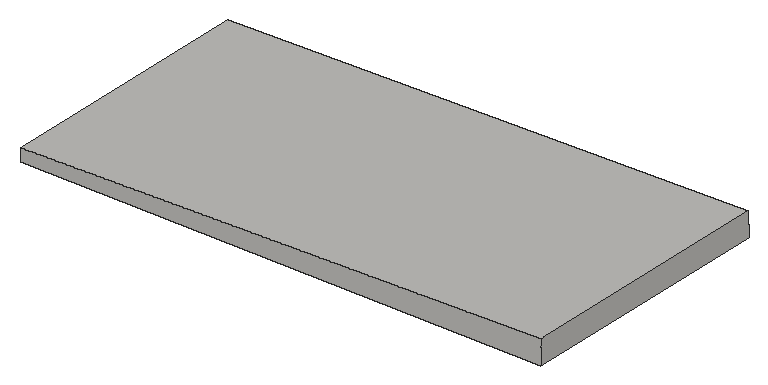
Revit family "ShowerBase_ProSlopeExtension_NobleCompany", category Specialty Equipment, host Face, Revit 2017
Family settings
  Host = Face
  Round Connector Dimension = Use Diameter
  Part Type = Normal
  OmniClass Number = 23.45.55.21
  OmniClass Title = Drains (Wastes)
  Cut with Voids When Loaded = No
  Shared = No
  Room Calculation Point = No
Parameters (values of type "20x40 Tapered")
  Width = 40"
  URL = "www.noblecompany.com"
  Type Comments = ""
  Tapered = yes
  Product Properties = "http://www.noblecompany.com/Portals/0/PRODUCT%20INFO/Product%20Descriptions/FreeStyle%20Linear%20Drain%20Product%20Decription%200410.pdf"
  Product Data = "http://www.noblecompany.com/Products/ShowerProducts/tabid/59/Default.aspx"
  Panel Size = 16"
  Model = "Pro Slope"
  MinThick = 1"
  Manufacturer Phone - Toll Free = "800-878-5788"
  Manufacturer Phone = "231-799-8000"
  Manufacturer Fax = "231-799-8850"
  Manufacturer Email = "mailto:sales@noblecompany.com"
  Manufacturer Address = "7300 Enterprise Drive, Spring Lake, MI  49456 USA"
  Manufacturer = "Noble Company"
  Hang = 1/8"
  Flat = no
  Drain Hole Diameter = 3"
  Depth = 20"
  Installation-Fabrication = "http://www.noblecompany.com/Portals/0/PRODUCT%20INFO/Product%20Descriptions/FreeStyle%20Linear%20Drain%20Product%20Decription%200410.pdf"
  Height = 1 7/8"
  Description = "Noble Pro Slope Shower Base"
  Cut_Side [instance] = 0"
  Cut_End [instance] = 0"
  Building Codes = "http://www.noblecompany.com/Portals/0/TECHNICAL%20INFO/Listing_Testing_Certification_Reports/PMG-1065%20Noble%20Company%20Linear%20Drain%20final%202.pdf"
  Base = Polymer coated Expanded Polystyrene
  Assembly Code = "D2030300"
  Default Elevation = 0"
Types (4): name | Width | Tapered | MinThick | Flat | Depth
  20x40 Flat | 40" | no | 1" | yes | 20"
  30x60 Flat | 60" | no | 1 1/4" | yes | 30"
  30x60 Tapered | 60" | yes | 1 1/4" | no | 30"
  20x40 Tapered | 40" | yes | 1" | no | 20"
Reference planes (in)
  plane 1 "Center (Front/Back)": y = 0
  plane 2: z = 0
  plane 3 "Center (Left/Right)": x = 0
  plane 4: x = 40
  plane 5: y = 20
  plane 6: z = 1.875
  plane 7: y = 20
  plane 8: x = 40
  plane 9: z = 1
Forms (in)
  Extrusion 1, solid, material "Polymer coated Expanded Polystyrene" <- "Base", visible <- "Tapered"
    sketch origin (0, 0, 0) x (1, 0, 0) y (0, 1, 0)
      loop
        line (0, 20) -> (0, 0) -> (40, 0) -> (40, 20) -> (0, 20)
    from 0 to 1.875
  Extrusion 2, void
    sketch origin (0, 0, 0) x (1, 0, 0) y (0, 1, 0)
      loop
        line (0, 20) -> (40, 20) -> (40, 0) -> (40.125, 0) -> (40.125, 20.125) -> (0, 20.125) -> (0, 20)
    from 0 to 1.875
  Extrusion 3, void
    sketch origin (0, 0, 0) x (1, 0, 0) y (0, 0, 1)
      loop
        line (40, 1.875) -> (0, 1.875) -> (0, 1) -> (40, 1.875)
    from 0 to -20
  Extrusion 4, solid, material "Polymer coated Expanded Polystyrene" <- "Base", visible <- "Flat"
    sketch origin (0, 0, 0) x (1, 0, 0) y (0, 1, 0)
      loop
        line (0, 20) -> (0, 0) -> (40, 0) -> (40, 20) -> (0, 20)
    from 0 to 1
Cuts and joins
  Extrusion 2, Extrusion 3 cuts Extrusion 1
  Extrusion 2 cuts Extrusion 4
Dimensions and locks (in)
  "Height": plane 6 to level
  "Cut_Side": plane 5 to plane 7
  "Cut_End": plane 8 to plane 4
  "Hang": plane 4 to Extrusion 2 sketch curve
  "Hang": Extrusion 2 sketch curve to plane 5
  "MinThick": plane 9 to level
  "Width": plane 3 "Center (Left/Right)" to plane 4
  "Depth": plane 1 "Center (Front/Back)" to plane 5
  "MinThick": Extrusion 3 sketch curve to level
  "Height": Extrusion 3 sketch curve to level
  aligned and locked: host face to plane 2
  aligned and locked: host face to level
  aligned and locked: Extrusion 1 sketch curve to plane 5
  aligned and locked: Extrusion 1 sketch curve to plane 4
  aligned and locked: Extrusion 1 to plane 6
  aligned and locked: Extrusion 2 sketch curve to plane 7
  aligned and locked: Extrusion 2 sketch curve to plane 8
  aligned and locked: Extrusion 2 to plane 6
  aligned and locked: Extrusion 1 sketch curve to plane 1 "Center (Front/Back)"
  aligned and locked: plane 3 "Center (Left/Right)" to Extrusion 1 sketch curve
  aligned and locked: plane 3 "Center (Left/Right)" to Extrusion 2 sketch curve
  aligned and locked: Extrusion 3 sketch curve to plane 3 "Center (Left/Right)"
  aligned and locked: plane 5 to Extrusion 3
  aligned and locked: Extrusion 4 sketch curve to plane 5
  aligned and locked: plane 3 "Center (Left/Right)" to Extrusion 4 sketch curve
  aligned and locked: Extrusion 4 sketch curve to plane 1 "Center (Front/Back)"
  aligned and locked: Extrusion 4 sketch curve to plane 4
  aligned and locked: Extrusion 4 to plane 9
Automatic sketch dimensions
  host sketch curve to host sketch curve = 145.84501"
  host sketch curve to host sketch curve = 91.0741"
  plane 1 "Center (Front/Back)" to Extrusion 2 sketch curve = 0"
  Extrusion 3 sketch curve to plane 4 = 0"
